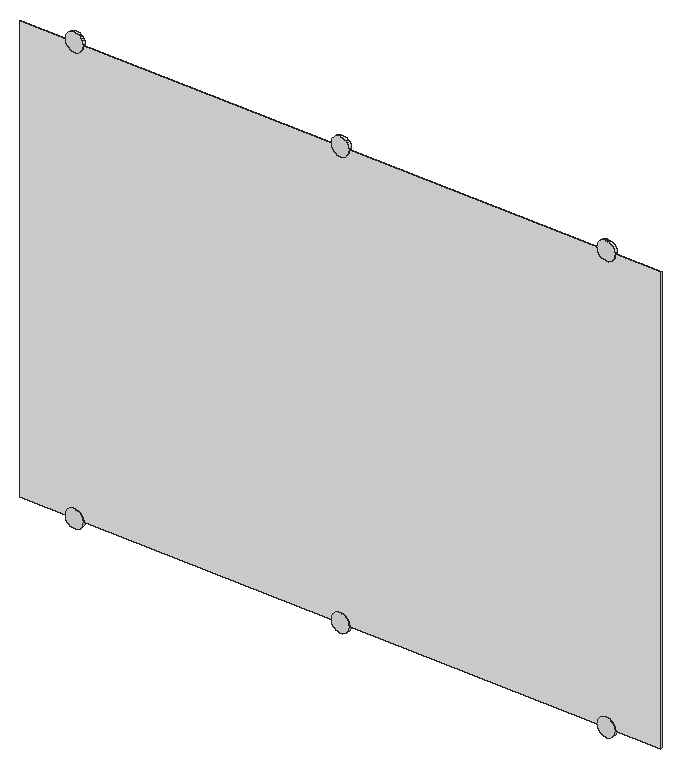
Revit family "Visionary 4x6", category Generic Models, host Wall, Revit 2018
Family settings
  Host = Wall
  Can host rebar = No
  Round Connector Dimension = Use Diameter
  Part Type = Normal
  Always vertical = Yes
  Cut with Voids When Loaded = No
  Shared = No
  Room Calculation Point = No
Parameters
  Surface = Visionary 4x6 Surface
  Mounts = Visionary Mounts Platinum
Reference planes (in)
  plane 1: y = 0
  plane 2 "Center (Left/Right)": x = 0
  plane 3 "Wall Edge": y = 3
  plane 4: z = 36
  plane 5: z = 83.24
Forms (in)
  Extrusion 1, solid, material "Visionary 4x6 Surface" <- "Surface"
    sketch origin (0, 3, 0) x (1, 0, 0) y (0, 0, 1)
      loop
        line (35.435, 83.24) -> (-35.435, 83.24) -> (-35.435, 36) -> (35.435, 36) -> (35.435, 83.24)
    from 0 to -0.125
  Extrusion 2, solid, material "Visionary Mounts Platinum" <- "Mounts"
    sketch origin (10.82231, 3, 119.24) x (-1, 0, 0) y (0, 0, -1)
      loop
        circle (40.25731, 36) r 1
    from -0.25 to 0
  Extrusion 3, solid, material "Visionary Mounts Platinum" <- "Mounts"
    sketch origin (10.82231, 3, 0) x (-1, 0, 0) y (0, 0, -1)
      loop
        circle (40.25731, -36) r 1
    from -0.25 to 0
  Extrusion 4, solid, material "Visionary Mounts Platinum" <- "Mounts"
    sketch origin (69.69231, 3, 119.24) x (-1, 0, 0) y (0, 0, -1)
      loop
        circle (40.25731, 36) r 1
    from -0.25 to 0
  Extrusion 5, solid, material "Visionary Mounts Platinum" <- "Mounts"
    sketch origin (69.69231, 3, 0) x (-1, 0, 0) y (0, 0, -1)
      loop
        circle (40.25731, -36) r 1
    from -0.25 to 0
  Extrusion 6, solid, material "Visionary Mounts Platinum" <- "Mounts"
    sketch origin (40.25731, 3, 119.24) x (-1, 0, 0) y (0, 0, -1)
      loop
        circle (40.25731, 36) r 1
    from -0.25 to 0
  Extrusion 7, solid, material "Visionary Mounts Platinum" <- "Mounts"
    sketch origin (40.25731, 3, 0) x (-1, 0, 0) y (0, 0, -1)
      loop
        circle (40.25731, -36) r 1
    from -0.25 to 0
Text (in)
  text "Placement Side" at (0, 40.15149, 123.01588), in view "Right"
  text "Placement Side" at (-70.3804, 28.46503, 0), in view "Ref. Level"
  text "Placement Side" at (0, 81.62555, 140.59947), in view "Left"
Dimensions and locks (in)
  locked: plane 3 "Wall Edge" to host wall
  locked: level to plane 4 at 36
  equal spacing: group 1, group 3, group 2  (x3)
  aligned and locked: plane 5 to Extrusion 1
  aligned and locked: Extrusion 1 to plane 4
  aligned and locked: plane 5 to Extrusion 2
